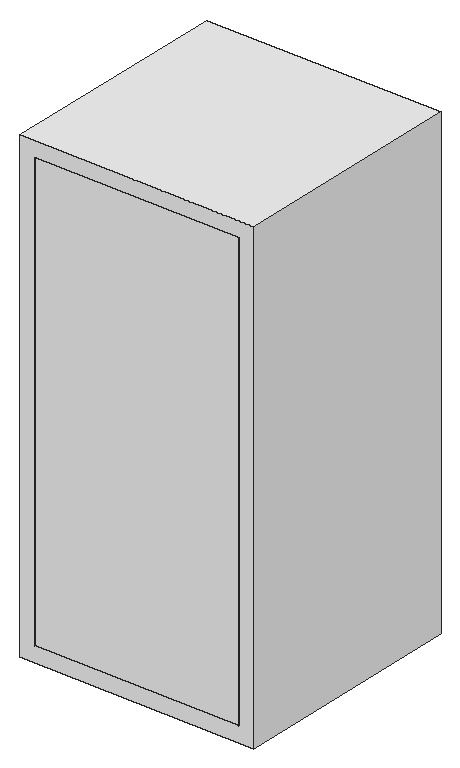
Revit family
Parameters (values of type "300mm")
  Cabinet Material = none
  Depth = 300 mm
  Door/Drawer Material = none
  Handle Material = Cabinets - Handles
  Height = 600 mm
  Panel Material = none
  Top Of Cabinet = 2000 mm
  Width = 300 mm
Types (3, lengths in mm): name | Width
  (no name) | 300
  300mm | 300
  500mm | 500
Reference planes
  plane 1: y = 0
  plane 2 "Center": x = 29.771
  plane 3 "Right": x = 179.771
  plane 4 "Left": x = -120.229
  plane 5: z = 1400
  plane 6: z = 2000
  plane 7 "Front": y = 376.2
  plane 8: y = 76.2
  plane 9: x = -88.479
  plane 10: z = 1700
Forms (mm)
  Extrusion 1, solid, material <- "Cabinet Material"
    sketch origin (0, 76.2, 0) x (1, 0, 0) y (0, 0, 1)
      loop
        line (179.771, 2000) -> (-120.229, 2000) -> (-120.229, 1400) -> (179.771, 1400) -> (179.771, 2000)
      loop
        line (160.721, 1980.95) -> (-101.179, 1980.95) -> (-101.179, 1419.05) -> (160.721, 1419.05) -> (160.721, 1980.95)
    from 0 to -300
  Extrusion 2, solid, material <- "Cabinet Material"
    sketch origin (0, 76.2, 0) x (1, 0, 0) y (0, 0, 1)
      loop
        line (160.721, 1980.95) -> (-101.179, 1980.95) -> (-101.179, 1419.05) -> (160.721, 1419.05) -> (160.721, 1980.95)
    from 0 to -19.05
  Extrusion 3, solid, material <- "Door/Drawer Material"
    sketch origin (0, 376.2, 0) x (0, 0, 1) y (1, 0, 0)
      loop
        line (1980.95, 160.721) -> (1419.05, 160.721) -> (1419.05, -101.179) -> (1980.95, -101.179) -> (1980.95, 160.721)
      loop
        line (1450.8, 128.971) -> (1450.8, -69.429) -> (1949.2, -69.429) -> (1949.2, 128.971) -> (1450.8, 128.971)
    from 12.7 to -19.05
  Extrusion 4, solid, material <- "Panel Material"
    sketch origin (0, 376.2, 0) x (0, 0, 1) y (1, 0, 0)
      loop
        line (1949.2, 128.971) -> (1450.8, 128.971) -> (1450.8, -69.429) -> (1949.2, -69.429) -> (1949.2, 128.971)
    from -12.7 to -6.35
  Sweep 5, solid, material "Cabinets - Handles" <- "Handle Material"
    path origin (-88.479, 0, 0) x (0, 1, 0) y (0, 0, 1)
      loop
        line (388.9, 1552.4) -> (401.6, 1552.4)
        arc (401.6, 1552.4) -> (410.58, 1548.68) -> (414.3, 1539.7) r 12.7
        line (414.3, 1539.7) -> (414.3, 1463.5)
        arc (414.3, 1463.5) -> (410.58, 1454.52) -> (401.6, 1450.8) r 12.7
        line (401.6, 1450.8) -> (388.9, 1450.8)
    profile origin (-88.479, 395.25, 0) x (0, 0, 1) y (1, 0, 0)
      loop
        circle (1552.4, 0) r 6.35
Lines and regions (mm)
  symbolic lines, style "Plan Rep - Above"
    curve 1: line (-120.229, 76.2, 0) -> (179.771, 76.2, 0)
    curve 2: line (-120.229, 376.2, 0) -> (-120.229, 76.2, 0)
    curve 3: line (179.771, 376.2, 0) -> (-120.229, 376.2, 0)
    curve 4: line (179.771, 76.2, 0) -> (179.771, 376.2, 0)
  symbolic lines, style "Elevation Swing"
    curve 5: line (179.771, 0, 1700) -> (-101.179, 0, 1419.05)
    curve 6: line (179.771, 0, 1700) -> (-101.179, 0, 1980.95)
Text (mm)
  text "Placement Side" at (0, 1019.848, 3124.603), in view "Right"
  text "Placement Side" at (-1564.893, 1075.18, 0), in view "Floor Line"
  text "Placement Side" at (0, 1206.291, 866.261), in view "Left"
Dimensions and locks
  equal spacing: plane 4 "Left", plane 2 "Center", plane 3 "Right"
  "Width": plane 4 "Left" to plane 3 "Right"
  "Height": plane 5 to plane 6
  "Depth": plane 8 to plane 7 "Front"
  locked: plane 4 "Left" to plane 9 at 31.75
  equal spacing: plane 5, plane 10, plane 6
  "Top Of Cabinet": level to plane 6
  aligned and locked: plane 8 to host wall
  aligned and locked: plane 7 "Front" to Extrusion 1
  aligned and locked: Extrusion 2 sketch curve to Extrusion 1  (x4)
  aligned and locked: Extrusion 3 to Extrusion 4 sketch curve  (x3)
  aligned and locked: Extrusion 4 sketch curve to Extrusion 3
Automatic sketch dimensions
  Extrusion 1 sketch curve to plane 4 "Left" = 0 mm
  Extrusion 1 sketch curve to plane 3 "Right" = 0 mm
  Extrusion 1 sketch curve to plane 5 = 0 mm
  Extrusion 1 sketch curve to plane 6 = 0 mm
  plane 4 "Left" to Extrusion 1 sketch curve = 19.05 mm
  Extrusion 1 sketch curve to plane 3 "Right" = 19.05 mm
  Extrusion 1 sketch curve to plane 5 = 19.05 mm
  plane 6 to Extrusion 1 sketch curve = 19.05 mm
  plane 4 "Left" to Extrusion 3 sketch curve = 19.05 mm
  Extrusion 3 sketch curve to plane 5 = 19.05 mm
  Extrusion 3 sketch curve to Extrusion 3 sketch curve = 31.75 mm  (x2)
  plane 6 to Extrusion 3 sketch curve = 50.8 mm
  plane 6 to Extrusion 3 sketch curve = 19.05 mm
  Extrusion 3 sketch curve to plane 3 "Right" = 50.8 mm
  Extrusion 3 sketch curve to plane 3 "Right" = 19.05 mm
  Sweep 5 sketch curve to plane 9 = 0 mm
  Sweep 5 sketch curve to profile plane = 0 mm
  profile plane to Sweep 5 sketch curve = 6.35 mm
  curve 3 to plane 4 "Left" = 0 mm
  curve 3 to plane 3 "Right" = 0 mm
  curve 1 to host wall = 0 mm
  curve 3 to plane 7 "Front" = 0 mm
  plane 7 "Front" to Sweep 5 sketch curve = 12.7 mm  (x2)
  Sweep 5 sketch curve to Sweep 5 sketch curve = 12.7 mm  (x3)
  Sweep 5 sketch curve to plane 5 = 50.8 mm
  Sweep 5 sketch curve to Sweep 5 sketch curve = 76.2 mm
  curve 5 to plane 3 "Right" = 0 mm
  curve 5 to plane 10 = 0 mm
  plane 6 to curve 6 = 19.05 mm
  curve 5 to plane 5 = 19.05 mm
  curve 6 to plane 9 = 12.7 mm
  curve 5 to plane 9 = 12.7 mm
